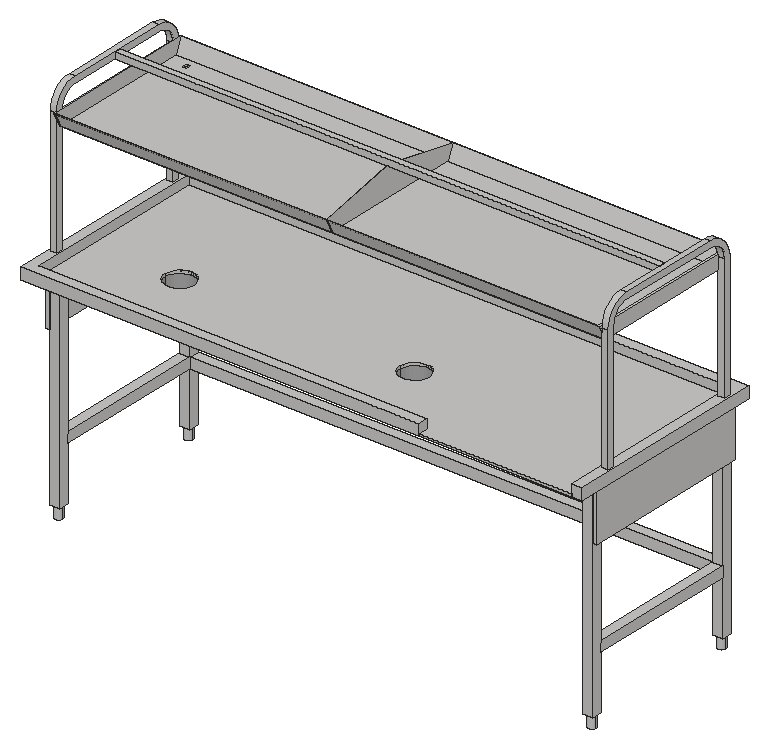
Revit family "QF_ELECTROLUXPROFESSIONAL_865339_BHST2208L", category Attrezzature speciali, Revit 2020
Family settings
  Quota connettore circolare = Usa diametro
  Tipo di parte = Normale
  Basato su piano di lavoro = No
  Sempre verticale = Sì
  Taglio con vuoti quando caricato = No
  Condiviso = No
  Punto di calcolo locali = No
Parameters (values of type "Standard")
  Weight = 18.00 kg
  Watts = 0 W
  Volts = 0 V
  URL Manufacturer = "https://www.electroluxprofessional.com/"
  URL = "https://www.electroluxprofessional.com/"
  Steam Supply Size = 0 mm
  Steam Supply Minimum Pressure = 0.0 Pa
  Steam Supply Maximum Pressure = 0.0 Pa
  Steam Consumption per Hour = 0
  Refrigeration Suction Line Size = 0 mm
  Refrigeration Liquid Line Size = 0 mm
  Refrigerant Compressor Remote = yes
  Prospetto di default = 0 mm
  Produttore = "Electrolux Professional"
  Phase = 0
  Modello = "BHST2208L"
  Length Actual = 2200 mm  # constant formula
  Item Number = "865339"
  Hot Water Size = 0 mm
  Height Actual = 1551 mm  # constant formula
  HP = "0 HP"
  Gas Size = 0 mm
  Gas KW = 0
  Gas Input Pressure = 0 W
  Direct Waste Size = 0 mm
  Description = "SORTING TABLE, LEFT>RIGHT, 2200X800 MM "
  Depth Actual = 800 mm  # constant formula
  Cycle = 0 Hz
  Condensate Return Size = 0 mm
  Compressed Air Volume = 0.0 L/s
  Compressed Air Size = 0 mm
  Compressed Air Pressure = 0.0 Pa
  Cold Water Size = 0 mm
  Accessory = yes
Reference planes
  plane 1 "Centro (Fronte/Retro)": y = 0
  plane 2: z = 0
  plane 3 "Centro (Sinistra/Destra)": x = 0
  plane 4: x = 1100
  plane 5: z = 1492
  plane 6: x = 20
  plane 7: y = -379.5
  plane 8: x = 56
  plane 9: y = -60
  plane 10: y = -695
  plane 11: x = 2200
  plane 12: x = 2144
Forms (mm)
  Extrusion 1, solid, material "QF_Finishes_Stainless Steel"
    sketch origin (-964, -40, 0) x (1, 0, 0) y (0, 1, 0)
      loop
        line (1000, 0) -> (1000, -40) -> (1040, -40) -> (1040, 0) -> (1000, 0)
    from 45 to 865
  Extrusion 2, solid, material "QF_Finishes_Stainless Steel"
    sketch origin (-964, -40, 0) x (1, 0, 0) y (0, 1, 0)
      loop
        circle (1020, -20) r 15
    from 0 to 45
  Extrusion 3, solid, material "QF_Finishes_Stainless Steel"
    sketch origin (-964, -675, 0) x (1, 0, 0) y (0, 1, 0)
      loop
        line (1000, 0) -> (1000, -40) -> (1040, -40) -> (1040, 0) -> (1000, 0)
    from 45 to 865
  Extrusion 4, solid, material "QF_Finishes_Stainless Steel"
    sketch origin (-964, -675, 0) x (1, 0, 0) y (0, 1, 0)
      loop
        circle (1020, -20) r 15
    from 0 to 45
  Extrusion 5, solid, material "QF_Finishes_Stainless Steel"
    sketch origin (0, 0, 0) x (1, 0, 0) y (0, 0, 1)
      loop
        line (76, 259.624) -> (2124, 259.624) -> (2124, 299.579) -> (76, 299.579) -> (76, 259.624)
    from 40 to 80
  Extrusion 6, solid, material "QF_Finishes_Stainless Steel"
    sketch origin (36, 0, 0) x (0, 1, 0) y (0, 0, 1)
      loop
        line (-80, 299.579) -> (-675, 299.579) -> (-675, 259.579) -> (-80, 259.579) -> (-80, 299.579)
    from 0 to 40
  Sweep 7, solid, material "QF_Finishes_Stainless Steel"
    path origin (0, 0, -12) x (0, 1, 0) y (0, 0, 1)
      loop
        line (-95, 922) -> (-95, 1412)
        arc (-95, 1412) -> (-118.431, 1468.569) -> (-175, 1492) r 80
        line (-175, 1492) -> (-584, 1492)
        arc (-584, 1492) -> (-640.569, 1468.569) -> (-664, 1412) r 80
        line (-664, 1412) -> (-664, 922)
    profile origin (0, -95, 1155) x (0, -1, 0) y (1, 0, 0)
      loop
        line (-12, 8) -> (12, 8) -> (12, 32) -> (-12, 32) -> (-12, 8)
  Extrusion 8, solid, material "QF_Finishes_Stainless Steel"
    sketch origin (0, 0, -12) x (0, 1, 0) y (0, 0, 1)
      loop
        line (-367.5, 1504) -> (-391.5, 1504) -> (-391.5, 1480) -> (-367.5, 1480) -> (-367.5, 1504)
    from 32 to 2168
  Extrusion 9, void
    sketch origin (32, 0, -6.687) x (0, 1, 0) y (0, 0, 1)
      loop
        line (-56.629, 1444.891) -> (-702.371, 1444.891) -> (-663.034, 1360.532) -> (-95.966, 1360.532) -> (-56.629, 1444.891)
    from 3.287 to 2130
  Extrusion 10, solid, material "QF_Finishes_Stainless Steel"
    sketch origin (32, 0, -12) x (0, 1, 0) y (0, 0, 1)
      loop
        line (-70.92, 1418.976) -> (-688.08, 1418.976) -> (-661.76, 1362.532) -> (-97.24, 1362.532) -> (-70.92, 1418.976)
    from 0 to 2136
  Extrusion 11, void
    sketch origin (0, 0, -12) x (1, 0, 0) y (0, 1, 0)
      loop
        circle (108.268, -136.161) r 12
    from 1301.755 to 1377.519
  Extrusion 12, solid, material "QF_Finishes_Stainless Steel"
    sketch origin (0, 0, -12) x (1, 0, 0) y (0, 1, 0)
      loop
        circle (108.21, -136.146) r 13
    from 1316.037 to 1362.532
  Extrusion 13, void
    sketch origin (0, 0, -12) x (1, 0, 0) y (0, 1, 0)
      loop
        circle (108.268, -136.161) r 10
    from 1301.755 to 1377.519
  Extrusion 14, solid, material "QF_Finishes_Stainless Steel"
    sketch origin (1700, 0, 865) x (-1, 0, 0) y (0, -1, 0)
      loop
        line (-460, 814) -> (-460, 40) -> (1660, 40) -> (1660, 774) -> (140, 774) -> (140, 814) -> (-460, 814)
    from 0 to 10
  Sweep 15, solid, material "QF_Finishes_Stainless Steel"
    path origin (2200, 0, -12) x (0, 1, 0) y (0, 0, -1)
      loop
        line (-95, -922) -> (-95, -1412)
        arc (-95, -1412) -> (-118.431, -1468.569) -> (-175, -1492) r 80
        line (-175, -1492) -> (-584, -1492)
        arc (-584, -1492) -> (-640.569, -1468.569) -> (-664, -1412) r 80
        line (-664, -1412) -> (-664, -922)
    profile origin (2200, -95, 1155) x (0, 1, 0) y (-1, 0, 0)
      loop
        line (12, 8) -> (12, 32) -> (-12, 32) -> (-12, 8) -> (12, 8)
  Extrusion 16, solid, material "QF_Finishes_Stainless Steel"
    sketch origin (3164, -40, 0) x (-1, 0, 0) y (0, -1, 0)
      loop
        line (1000, 0) -> (1040, 0) -> (1040, 40) -> (1000, 40) -> (1000, 0)
    from 45 to 865
  Extrusion 17, solid, material "QF_Finishes_Stainless Steel"
    sketch origin (3164, -40, 0) x (-1, 0, 0) y (0, -1, 0)
      loop
        circle (1020, 20) r 15
    from 0 to 45
  Extrusion 18, solid, material "QF_Finishes_Stainless Steel"
    sketch origin (3164, -675, 0) x (-1, 0, 0) y (0, -1, 0)
      loop
        line (1000, 0) -> (1040, 0) -> (1040, 40) -> (1000, 40) -> (1000, 0)
    from 45 to 865
  Extrusion 19, solid, material "QF_Finishes_Stainless Steel"
    sketch origin (3164, -675, 0) x (-1, 0, 0) y (0, -1, 0)
      loop
        circle (1020, 20) r 15
    from 0 to 45
  Extrusion 20, solid, material "QF_Finishes_Stainless Steel"
    sketch origin (2164, 0, 0) x (0, 1, 0) y (0, 0, -1)
      loop
        line (-80, -299.579) -> (-80, -259.579) -> (-675, -259.579) -> (-675, -299.579) -> (-80, -299.579)
    from 0 to 40
  Extrusion 21, solid, material "QF_Finishes_Stainless Steel"
    sketch origin (1, 0, 0) x (0, 1, 0) y (0, 0, 1)
      loop
        line (-367.5, 1468) -> (-391.5, 1468) -> (-687.809, 1406.976) -> (-663.034, 1353.844) -> (-95.966, 1353.844) -> (-71.191, 1406.976) -> (-367.5, 1468)
    from 1098 to 1100
  Extrusion 22, solid, material "QF_Finishes_Stainless Steel"
    sketch origin (0, 0, 0) x (0, 1, 0) y (0, 0, 1)
      loop
        line (-40, 865) -> (-715, 865) -> (-715, 660) -> (-40, 660) -> (-40, 865)
    from 20 to 36
  Extrusion 23, solid, material "QF_Finishes_Stainless Steel"
    sketch origin (2200, 0, 0) x (0, 1, 0) y (0, 0, -1)
      loop
        line (-40, -865) -> (-40, -660) -> (-715, -660) -> (-715, -865) -> (-40, -865)
    from 20 to 36
  Extrusion 24, solid, material "QF_Finishes_Stainless Steel"
    sketch origin (2200, 0, 865) x (-1, 0, 0) y (0, -1, 0)
      loop
        line (0, 0) -> (2200, 0) -> (2200, 814) -> (640, 814) -> (640, 774) -> (2160, 774) -> (2160, 40) -> (40, 40) -> (40, 814) -> (0, 814) -> (0, 0)
    from 0 to 45
  Extrusion 25, void
    sketch origin (1000, -30, 0) x (-1, 0, 0) y (0, -1, 0)
      loop
        circle (610, 490) r 58
    from 674.596 to 947.421
  Extrusion 26, void
    sketch origin (1920, -30, 0) x (-1, 0, 0) y (0, -1, 0)
      loop
        circle (610, 490) r 58
    from 674.596 to 947.421
Cuts and joins
  Extrusion 9, Extrusion 13 cuts Extrusion 10
  Extrusion 11 cuts Extrusion 12
  Extrusion 25, Extrusion 26 cuts Extrusion 14
Dimensions and locks
  plane 5 to level = 1492 mm  (x2)
  Extrusion 5 to Extrusion 5 = 39.955 mm
  Extrusion 1 to Extrusion 3 = 595 mm
  plane 9 to plane 10 = 635 mm
  plane 11 to plane 3 "Centro (Sinistra/Destra)" = 2200 mm
  Sweep 7 to Sweep 7 = 545 mm
  plane 3 "Centro (Sinistra/Destra)" to plane 11 = 2200 mm
  plane 3 "Centro (Sinistra/Destra)" to plane 4 = 1100 mm
  Extrusion 18 to Extrusion 3 = 2048 mm
  plane 12 to plane 8 = 2088 mm
  plane 1 "Centro (Fronte/Retro)" to Extrusion 24 = 814 mm
  Extrusion 24 to plane 1 "Centro (Fronte/Retro)" = 814 mm
  aligned and locked: level to plane 2
  aligned and locked: Extrusion 2 to Extrusion 1
  aligned and locked: Extrusion 4 to Extrusion 3
  aligned and locked: Extrusion 8 to Sweep 7
  aligned and locked: Extrusion 16 to Extrusion 17
  aligned and locked: Extrusion 18 to Extrusion 19
Nested families
  nested 1: "FORO_IMMONDIZIE - 200" at (390, -520, 863.471) x (-1, 0, 0) z (0, 0, 1), type "FORO_IMMONDIZIE - 200"
  nested 2: "FORO_IMMONDIZIE - 200" at (1310, -520, 863.471) x (-1, 0, 0) z (0, 0, 1), type "FORO_IMMONDIZIE - 200"
Definition of nested family "FORO_IMMONDIZIE - 200"
  Parameters (values of type "FORO_IMMONDIZIE - 200")
    Default Elevation = 1219.2 mm
  Reference planes
    plane 1 "Centro (Fronte/Retro)": y = 0
    plane 2: z = 0
    plane 3 "Centro (Sinistra/Destra)": x = 0
    plane 4: z = -110
  Forms (mm)
    Extrusion 1, solid, not visible
      sketch origin (0, 0, 0) x (1, 0, 0) y (0, 1, 0)
        loop
          line (-1219.2, 1219.2) -> (-1219.2, -1219.2) -> (1219.2, -1219.2) -> (1219.2, 1219.2) -> (-1219.2, 1219.2)
      from 0 to -304.8
    Extrusion 2, solid
      sketch origin (0, 0, 0) x (1, 0, 0) y (0, 1, 0)
        loop
          circle (0, 0) r 60
        loop
          circle (0, 0) r 90
      from -110 to 1.529
  Dimensions and locks
    aligned and locked: plane 2 to Extrusion 1
    aligned and locked: level to Extrusion 1
